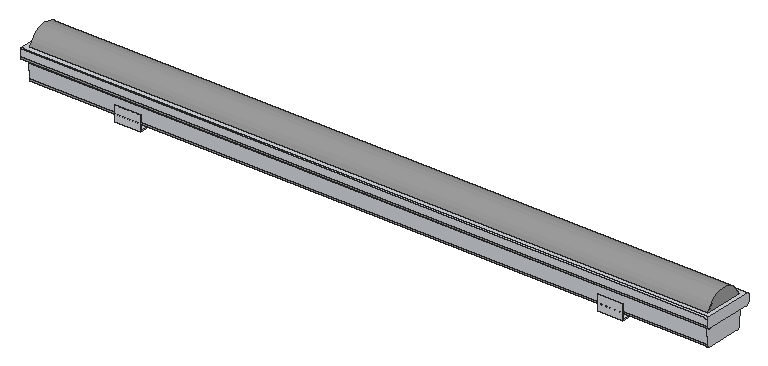
Revit family "0010235", category Lighting Fixtures, host Face, Revit 2017 (continued)
Types (60, lengths in mm): name | Weight | Wattage | TypeName | built-in parameter 1150134 | Photometric Web File | PowerFactor | PowerConsumption | NominalLength | Name | ModelReference | ModelNumber | Model | LuminousEfficacy | built-in parameter 1150105 | Lumens | LampNominalLuminous | LampMacAdamStep | LampColourTemperature | LENGHT_SYL | LENGHT_CHAMFER_SYL | LENGHT-_SYL | LENGHT-_CHAMFER_SYL | L0650_SYL | L1500_SYL | L1200_SYL | built-in parameter 1150107 | built-in parameter 1150106 | built-in parameter 1150104 | DocumentationLiterature | Description | BRACKET_WIDTH_SYL | BRACKET_DIST_SYL | Apparent Load
  0010215 RESISTO 1200 IP66 4800LM 840 QC | "1.61 kg" | 35 W | "Resisto  1200 IP66 4800lm 840 QC" | 12 | "0010215.ies" | 0.95 | "35 W" | 1212 | "Resisto  1200 IP66 4800lm 840 QC" | "Resisto  1200 IP66 4800lm 840 QC" | "0010215" | "Resisto  1200 IP66 4800lm 840 QC" | "137 lm/W" | 1583.6 (stored number, unit not read) | 4795 lm | "4800 lm" | "5" | "4000 K" | 592 | 600 | -592 | -600 | no | no | yes | 4000 (stored number, unit not read) | 15.836 (stored number, unit not read) | 12.728 (stored number, unit not read) | "http://www.sylvania-lighting.com/product/en-int/products/0010215" | "Resisto, integrated LED weatherproof luminaire, with UV stabilized flat diffuser designed to achieve uniform lit appearance, optimise light output and to reduce glare. 301 stainless steel diffuser clips and fixing brackets for surface mounting. Polycarbonate housing and diffuser - no yellow discolouration over time. 4800lm; 35W; 137lm/W; 4000K; SDCM<5; non dimmable; CRI80; IP66; IK08; Class I; 69,000hrs (L80B20) lifespan; 1200mm x 89mm x 88mm; D-mark; assembled with quick connector." | 400 | 444 | 35 VA
  0010214 RESISTO 1200 IP66 2800LM 840 QC | "1.57 kg" | 21 W | "Resisto  1200 IP66 2800lm 840 QC" | 12 | "0010214.ies" | 0.95 | "21 W" | 1212 | "Resisto  1200 IP66 2800lm 840 QC" | "Resisto  1200 IP66 2800lm 840 QC" | "0010214" | "Resisto  1200 IP66 2800lm 840 QC" | "133 lm/W" | 917.95 (stored number, unit not read) | 2793 lm | "2800 lm" | "5" | "4000 K" | 592 | 600 | -592 | -600 | no | no | yes | 4000 (stored number, unit not read) | 9.1795 (stored number, unit not read) | 12.356 (stored number, unit not read) | "http://www.sylvania-lighting.com/product/en-int/products/0010214" | "Resisto, integrated LED weatherproof luminaire, with UV stabilized flat diffuser designed to achieve uniform lit appearance, optimise light output and to reduce glare. 301 stainless steel diffuser clips and fixing brackets for surface mounting. Polycarbonate housing and diffuser - no yellow discolouration over time. 2800lm; 21W; 133lm/W; 4000K; SDCM<5; non dimmable; CRI80; IP66; IK08; Class I; 69,000hrs (L80B20) lifespan; 1200mm x 89mm x 88mm; D-mark; assembled with quick connector." | 400 | 444 | 21 VA
  0010213 RESISTO 1200 IP66 4800LM 865 | "1.54 kg" | 35 W | "Resisto  1200 IP66 4800lm 865" | 1 | "0010213.ies" | 0.95 | "35 W" | 1200 | "Resisto  1200 IP66 4800lm 865" | "Resisto  1200 IP66 4800lm 865" | "0010213" | "Resisto  1200 IP66 4800lm 865" | "137 lm/W" | 1583.6 (stored number, unit not read) | 4795 lm | "4800 lm" | "5" | "6500 K" | 592 | 600 | -592 | -600 | no | no | yes | 6500 (stored number, unit not read) | 15.836 (stored number, unit not read) | 12.728 (stored number, unit not read) | "http://www.sylvania-lighting.com/product/en-int/products/0010213" | "Resisto, integrated LED weatherproof luminaire, with UV stabilized flat diffuser designed to achieve uniform lit appearance, optimise light output and to reduce glare. 301 stainless steel diffuser clips and fixing brackets for surface mounting. Polycarbonate housing and diffuser - no yellow discolouration over time. 4800lm; 35W; 137lm/W; 6500K; SDCM<5; non dimmable; CRI80; IP66; IK08; Class I; 69,000hrs (L80B20) lifespan; 1200mm x 89mm x 88mm; D-mark." | 400 | 444 | 35 VA
  0010212 RESISTO 1200 IP66 2800LM 865 | "1.5 kg" | 21 W | "Resisto  1200 IP66 2800lm 865" | 1 | "0010212.ies" | 0.95 | "21 W" | 1200 | "Resisto  1200 IP66 2800lm 865" | "Resisto  1200 IP66 2800lm 865" | "0010212" | "Resisto  1200 IP66 2800lm 865" | "133 lm/W" | 917.95 (stored number, unit not read) | 2793 lm | "2800 lm" | "5" | "6500 K" | 592 | 600 | -592 | -600 | no | no | yes | 6500 (stored number, unit not read) | 9.1795 (stored number, unit not read) | 12.356 (stored number, unit not read) | "http://www.sylvania-lighting.com/product/en-int/products/0010212" | "Resisto, integrated LED weatherproof luminaire, with UV stabilized flat diffuser designed to achieve uniform lit appearance, optimise light output and to reduce glare. 301 stainless steel diffuser clips and fixing brackets for surface mounting. Polycarbonate housing and diffuser - no yellow discolouration over time. 2800lm; 21W; 133lm/W; 6500K; SDCM<5; non dimmable; CRI80; IP66; IK08; Class I; 69,000hrs (L80B20) lifespan; 1200mm x 89mm x 88mm; D-mark." | 400 | 444 | 21 VA
  0010211 RESISTO 1200 IP66 4800LM 840 | "11.88 kg" | 35 W | "Resisto  1200 IP66 4800lm 840" | 12 | "0010211.ies" | 0.95 | "35.0 W" | 1200 | "Resisto  1200 IP66 4800lm 840" | "Resisto  1200 IP66 4800lm 840" | "0010211" | "Resisto  1200 IP66 4800lm 840" | "137 lm/W" | -7601417.6 (stored number, unit not read) | 4795 lm | "4800 lm" | "5" | "4000 K" | 592 | 600 | -592 | -600 | no | no | yes | 4000 (stored number, unit not read) | -76014.2 (stored number, unit not read) | 12.728 (stored number, unit not read) | "http://www.sylvania-lighting.com/product/en-int/products/0010211" | "Resisto, integrated LED weatherproof luminaire, with UV stabilized flat diffuser designed to achieve uniform lit appearance, optimise light output and to reduce glare. 301 stainless steel diffuser clips and fixing brackets for surface mounting. Polycarbonate housing and diffuser - no yellow discolouration over time. 4800lm; 35W; 137lm/W; 4000K; SDCM<5; non dimmable; CRI80; IP66; IK08; Class I; 69,000hrs (L80B20) lifespan; 1200mm x 89mm x 88mm; D-mark." | 400 | 444 | 35 VA
  0010210 RESISTO 1200 IP66 2800LM 840 | "11.88 kg" | 21 W | "Resisto  1200 IP66 2800lm 840" | 12 | "0010210.ies" | 0.95 | "21.0 W" | 1200 | "Resisto  1200 IP66 2800lm 840" | "Resisto  1200 IP66 2800lm 840" | "0010210" | "Resisto  1200 IP66 2800lm 840" | "133 lm/W" | -2570258.2 (stored number, unit not read) | 2793 lm | "2800 lm" | "5" | "4000 K" | 592 | 600 | -592 | -600 | no | no | yes | 4000 (stored number, unit not read) | -25702.6 (stored number, unit not read) | 12.356 (stored number, unit not read) | "http://www.sylvania-lighting.com/product/en-int/products/0010210" | "Resisto, integrated LED weatherproof luminaire, with UV stabilized flat diffuser designed to achieve uniform lit appearance, optimise light output and to reduce glare. 301 stainless steel diffuser clips and fixing brackets for surface mounting. Polycarbonate housing and diffuser - no yellow discolouration over time. 2800lm; 21W; 133lm/W; 4000K; SDCM<5; non dimmable; CRI80; IP66; IK08; Class I; 69,000hrs (L80B20) lifespan; 1200mm x 89mm x 88mm; D-mark." | 400 | 444 | 21 VA
  0010209 RESISTO 1200 IP66 4800LM 830 | "1.54 kg" | 35 W | "Resisto  1200 IP66 4800lm 830" | (empty or 0) | "0010209.ies" | 0.95 | "35 W" | 1200 | "Resisto  1200 IP66 4800lm 830" | "Resisto  1200 IP66 4800lm 830" | "0010209" | "Resisto  1200 IP66 4800lm 830" | "137 lm/W" | 1583.6 (stored number, unit not read) | 4795 lm | "4800 lm" | "5" | "3000 K" | 592 | 600 | -592 | -600 | no | no | yes | 3000 (stored number, unit not read) | 15.836 (stored number, unit not read) | 12.728 (stored number, unit not read) | "http://www.sylvania-lighting.com/product/en-int/products/0010209" | "Resisto, integrated LED weatherproof luminaire, with UV stabilized flat diffuser designed to achieve uniform lit appearance, optimise light output and to reduce glare. 301 stainless steel diffuser clips and fixing brackets for surface mounting. Polycarbonate housing and diffuser - no yellow discolouration over time. 4800lm; 35W; 137lm/W; 3000K; SDCM<5; non dimmable; CRI80; IP66; IK08; Class I; 69,000hrs (L80B20) lifespan; 1200mm x 89mm x 88mm; D-mark." | 400 | 444 | 35 VA
  0010208 RESISTO 1200 IP66 2800LM 830 | "1.5 kg" | 21 W | "Resisto  1200 IP66 2800lm 830" | (empty or 0) | "0010208.ies" | 0.95 | "21 W" | 1200 | "Resisto  1200 IP66 2800lm 830" | "Resisto  1200 IP66 2800lm 830" | "0010208" | "Resisto  1200 IP66 2800lm 830" | "133 lm/W" | 917.95 (stored number, unit not read) | 2793 lm | "2800 lm" | "5" | "3000 K" | 592 | 600 | -592 | -600 | no | no | yes | 3000 (stored number, unit not read) | 9.1795 (stored number, unit not read) | 12.356 (stored number, unit not read) | "http://www.sylvania-lighting.com/product/en-int/products/0010208" | "Resisto, integrated LED weatherproof luminaire, with UV stabilized flat diffuser designed to achieve uniform lit appearance, optimise light output and to reduce glare. 301 stainless steel diffuser clips and fixing brackets for surface mounting. Polycarbonate housing and diffuser - no yellow discolouration over time. 2800lm; 21W; 133lm/W; 3000K; SDCM<5; non dimmable; CRI80; IP66; IK08; Class I; 69,000hrs (L80B20) lifespan; 1200mm x 89mm x 88mm; D-mark." | 400 | 444 | 21 VA
  0010207 RESISTO 600 HE IP66 2500LM 840 | "0.96 kg" | 16 W | "Resisto  600 HE IP66 2500lm 840" | 12 | "0010207.ies" | 0.95 | "16 W" | 650 | "Resisto  600 HE IP66 2500lm 840" | "Resisto  600 HE IP66 2500lm 840" | "0010207" | "Resisto  600 HE IP66 2500lm 840" | "156 lm/W" | 829.02 (stored number, unit not read) | 2496 lm | "2500 lm" | "3" | "4000 K" | 317 | 325 | -317 | -325 | yes | no | no | 4000 (stored number, unit not read) | 8.2902 (stored number, unit not read) | 14.493 (stored number, unit not read) | "http://www.sylvania-lighting.com/product/en-int/products/0010207" | "Resisto, integrated LED weatherproof luminaire, with UV stabilized flat diffuser designed to achieve uniform lit appearance, optimise light output and to reduce glare. 301 stainless steel diffuser clips and fixing brackets for surface mounting. Polycarbonate housing and diffuser - no yellow discolouration over time. 2500lm; 16W; 156lm/W; 4000K; SDCM<3; non dimmable; CRI80; IP66; IK08; Class I; 69,000hrs (L80B20) lifespan; 650mm x 89mm x 88mm; D-mark." | 125 | 169 | 16 VA
  0010206 RESISTO 600 HE IP66 1400LM 840 | "0.88 kg" | 10 W | "Resisto  600 HE IP66 1400lm 840" | 12 | "0010206.ies" | 0.9 | "10 W" | 650 | "Resisto  600 HE IP66 1400lm 840" | "Resisto  600 HE IP66 1400lm 840" | "0010206" | "Resisto  600 HE IP66 1400lm 840" | "140 lm/W" | 479.25 (stored number, unit not read) | 1400 lm | "1400 lm" | "3" | "4000 K" | 317 | 325 | -317 | -325 | yes | no | no | 4000 (stored number, unit not read) | 4.7925 (stored number, unit not read) | 13.006 (stored number, unit not read) | "http://www.sylvania-lighting.com/product/en-int/products/0010206" | "Resisto, integrated LED weatherproof luminaire, with UV stabilized flat diffuser designed to achieve uniform lit appearance, optimise light output and to reduce glare. 301 stainless steel diffuser clips and fixing brackets for surface mounting. Polycarbonate housing and diffuser - no yellow discolouration over time. 1400lm; 10W; 140lm/W; 4000K; SDCM<3; non dimmable; CRI80; IP66; IK08; Class I; 69,000hrs (L80B20) lifespan; 650mm x 89mm x 88mm; D-mark." | 125 | 169 | 10 VA
  0010205 RESISTO 600 IP66 2500LM 865 | "0.88 kg" | 19 W | "Resisto  600 IP66 2500lm 865" | 1 | "0010205.ies" | 1 | "19 W" | 650 | "Resisto  600 IP66 2500lm 865" | "Resisto  600 IP66 2500lm 865" | "0010205" | "Resisto  600 IP66 2500lm 865" | "132 lm/W" | 833.01 (stored number, unit not read) | 2508 lm | "2500 lm" | "5" | "6500 K" | 317 | 325 | -317 | -325 | yes | no | no | 6500 (stored number, unit not read) | 8.3301 (stored number, unit not read) | 12.263 (stored number, unit not read) | "http://www.sylvania-lighting.com/product/en-int/products/0010205" | "Resisto, integrated LED weatherproof luminaire, with UV stabilized flat diffuser designed to achieve uniform lit appearance, optimise light output and to reduce glare. 301 stainless steel diffuser clips and fixing brackets for surface mounting. Polycarbonate housing and diffuser - no yellow discolouration over time. 2500lm; 19W; 132lm/W; 6500K; SDCM<5; non dimmable; CRI80; IP66; IK08; Class I; 69,000hrs (L80B20) lifespan; 650mm x 89mm x 88mm; D-mark." | 125 | 169 | 19 VA
  0010204 RESISTO 600 IP66 1600LM 865 | "0.88 kg" | 12 W | "Resisto  600 IP66 1600lm 865" | 1 | "0010204.ies" | 0.9 | "12 W" | 650 | "Resisto  600 IP66 1600lm 865" | "Resisto  600 IP66 1600lm 865" | "0010204" | "Resisto  600 IP66 1600lm 865" | "133 lm/W" | 546.34 (stored number, unit not read) | 1596 lm | "1600 lm" | "5" | "6500 K" | 317 | 325 | -317 | -325 | yes | no | no | 6500 (stored number, unit not read) | 5.4634 (stored number, unit not read) | 12.356 (stored number, unit not read) | "http://www.sylvania-lighting.com/product/en-int/products/0010204" | "Resisto, integrated LED weatherproof luminaire, with UV stabilized flat diffuser designed to achieve uniform lit appearance, optimise light output and to reduce glare. 301 stainless steel diffuser clips and fixing brackets for surface mounting. Polycarbonate housing and diffuser - no yellow discolouration over time. 1600lm; 12W; 133lm/W; 6500K; SDCM<5; non dimmable; CRI80; IP66; IK08; Class I; 69,000hrs (L80B20) lifespan; 650mm x 89mm x 88mm; D-mark." | 125 | 169 | 12 VA
  0010203 RESISTO 600 IP66 2500LM 840 | "10.2 kg" | 19 W | "Resisto  600 IP66 2500lm 840" | 12 | "0010203.ies" | 0.95 | "19.0 W" | 650 | "Resisto  600 IP66 2500lm 840" | "Resisto  600 IP66 2500lm 840" | "0010203" | "Resisto  600 IP66 2500lm 840" | "132 lm/W" | -2082492.7 (stored number, unit not read) | 2508 lm | "2500 lm" | "5" | "4000 K" | 317 | 325 | -317 | -325 | yes | no | no | 4000 (stored number, unit not read) | -20824.9 (stored number, unit not read) | 12.263 (stored number, unit not read) | "http://www.sylvania-lighting.com/product/en-int/products/0010203" | "Resisto, integrated LED weatherproof luminaire, with UV stabilized flat diffuser designed to achieve uniform lit appearance, optimise light output and to reduce glare. 301 stainless steel diffuser clips and fixing brackets for surface mounting. Polycarbonate housing and diffuser - no yellow discolouration over time. 2500lm; 19W; 132lm/W; 4000K; SDCM<5; non dimmable; CRI80; IP66; IK08; Class I; 69,000hrs (L80B20) lifespan; 650mm x 89mm x 88mm; D-mark." | 125 | 169 | 19 VA
  0010202 RESISTO 600 IP66 1600LM 840 | "10.2 kg" | 12 W | "Resisto  600 IP66 1600lm 840" | 12 | "0010202.ies" | 0.9 | "12.0 W" | 650 | "Resisto  600 IP66 1600lm 840" | "Resisto  600 IP66 1600lm 840" | "0010202" | "Resisto  600 IP66 1600lm 840" | "133 lm/W" | -874129.2 (stored number, unit not read) | 1596 lm | "1600 lm" | "5" | "4000 K" | 317 | 325 | -317 | -325 | yes | no | no | 4000 (stored number, unit not read) | -8741.3 (stored number, unit not read) | 12.356 (stored number, unit not read) | "http://www.sylvania-lighting.com/product/en-int/products/0010202" | "Resisto, integrated LED weatherproof luminaire, with UV stabilized flat diffuser designed to achieve uniform lit appearance, optimise light output and to reduce glare. 301 stainless steel diffuser clips and fixing brackets for surface mounting. Polycarbonate housing and diffuser - no yellow discolouration over time. 1600lm; 12W; 133lm/W; 4000K; SDCM<5; non dimmable; CRI80; IP66; IK08; Class I; 69,000hrs (L80B20) lifespan; 650mm x 89mm x 88mm; D-mark." | 125 | 169 | 12 VA
  0010279 RESISTO 1500 HE IP66 DALI 8300LM 840 | "2.01 kg" | 54 W | "Resisto 1500 HE IP66 DALI 8300lm 840" | 12 | "0010279.ies" | 0.99 | "54 W" | 1500 | "Resisto 1500 HE IP66 DALI 8300lm 840" | "Resisto 1500 HE IP66 DALI 8300lm 840" | "0010279" | "Resisto 1500 HE IP66 DALI 8300lm 840" | "154 lm/W" | 2773 (stored number, unit not read) | 8316 lm | "8300 lm" | "3" | "4000 K" | 742 | 750 | -742 | -750 | no | yes | no | 4000 (stored number, unit not read) | 27.73 (stored number, unit not read) | 14.307 (stored number, unit not read) | "http://www.sylvania-lighting.com/product/en-int/products/0010279" | "Resisto, integrated LED weatherproof luminaire, with UV stabilized flat diffuser designed to achieve uniform lit appearance, optimise light output and to reduce glare. 301 stainless steel diffuser clips and fixing brackets for surface mounting. Polycarbonate housing and diffuser - no yellow discolouration over time. 8300lm; 54W; 154lm/W; 4000K; SDCM<3; DALI dimmable; CRI80; IP66; IK08; Class I; 69,000hrs (L80B20) lifespan; 1500mm x 89mm x 88mm; D-mark." | 550 | 594 | 54 VA
